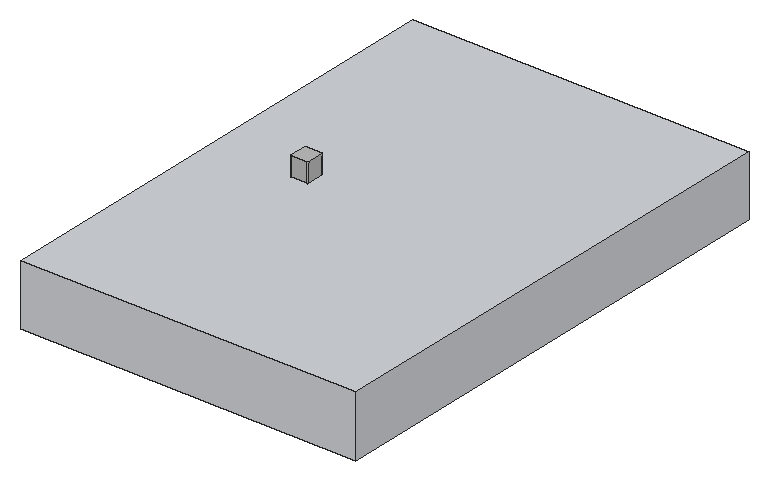
Revit family "Enclosures for IEC", category Installations électriques, Revit 2018
Family settings
  Hôte = Face
  Conserver l'orientation des annotations = Non
  Cote de connecteur circulaire = Utiliser le diamètre
  Type d'élément = Normal
  Couper avec des vides une fois chargée = Non
  Partagée = Oui
  Point de calcul de pièce = Non
Parameters (values of type "For one 16A or 32A panel mounting socket with inclined outlet")
  width mm = 87 mm
  vertical fixing distance mm = 84.5 mm
  resistance to chocks IK = "08"
  protection class IP = ""
  material of box = "plastic"
  intensity A = 16 A
  horizontal fixing distance mm = 74.5 mm
  height mm = 97 mm
  halogen free = yes
  depth mm = 97 mm
  characteristic color = ""
  Product family = "0852-P17"
  Modèle = "LG-057750"
  Minimum use temperature = "-25°C"
  Maximum use temperature = "40°C"
  IDS_MONTAGE_PRISE_VERROUILLEE = no
  Flush E or Surface mounting S = ""
  Fabricant = "Legrand"
  Elévation par défaut = 1000 mm
  Diameter cable entry = "PG16/PG21"
  Description = "Enclosure for the assembly of connectors to the international standard"
Reference planes
  plane 1 "Centre (avant/arrière)": y = 0
  plane 2: z = 0
  plane 3 "Centre (gauche/droite)": x = 0
  plane 4: x = -43.5
  plane 5: x = 43.5
  plane 6: y = 48.5
  plane 7: y = -48.5
  plane 8: z = 95
  plane 9: z = 97
  plane 10: y = 46
  plane 11: y = -46
  plane 12: y = 51
Forms (mm)
  Extrusion 1, solid
    sketch origin (0, 0, 0) x (1, 0, 0) y (0, 1, 0)
      loop
        line (-447.5, 1219.2) -> (-447.5, -1219.2) -> (1219.2, -1219.2) -> (1219.2, 1219.2) -> (-447.5, 1219.2)
    from 0 to -304.8
  Extrusion 2, solid, material "Legrand - Plastique gris"
    sketch origin (0, 0, 0) x (1, 0, 0) y (0, 1, 0)
      loop
        arc (-38.5, 46) -> (-42.036, 44.536) -> (-43.5, 41) r 5
        line (-43.5, 41) -> (-43.5, -41)
        arc (-43.5, -41) -> (-42.036, -44.536) -> (-38.5, -46) r 5
        line (-38.5, -46) -> (38.5, -46)
        arc (38.5, -46) -> (42.036, -44.536) -> (43.5, -41) r 5
        line (43.5, -41) -> (43.5, 41)
        arc (43.5, 41) -> (42.036, 44.536) -> (38.5, 46) r 5
        line (38.5, 46) -> (-38.5, 46)
    from 0 to 95
  Sweep 3, solid, material "Legrand - Plastique gris", visible <- "IDS_MONTAGE_PRISE_VERROUILLEE"
    path origin (0, 0, 0) x (1, 0, 0) y (0, 0, 1)
      loop
        line (-30, 0) -> (-30, 35)
        arc (-30, 35) -> (0, 65) -> (30, 35) r 30
        line (30, 35) -> (30, 0)
    profile origin (-30, 0, 17.5) x (-1, 0, 0) y (0, -1, 0)
      loop
        arc (-5, -57.5) -> (-3.536, -53.964) -> (0, -52.5) r 5
        line (0, -52.5) -> (-15, -52.5) -> (-15, -57.5) -> (-5, -57.5)
  Extrusion 4, solid, material "Legrand - Plastique gris", visible <- "IDS_MONTAGE_PRISE_VERROUILLEE"
    sketch origin (0, 0, 0) x (1, 0, 0) y (0, 0, 1)
      loop
        line (15, 0) -> (15, 35)
        arc (15, 35) -> (0, 50) -> (-15, 35) r 15
        line (-15, 35) -> (-15, 0) -> (15, 0)
    from -51 to -46
Cuts and joins
  joined: Sweep 3, Extrusion 4
Dimensions and locks
  equal spacing: plane 4, plane 3 "Centre (gauche/droite)", plane 5
  plane 4 to plane 5 = 87 mm
  equal spacing: plane 6, plane 1 "Centre (avant/arrière)", plane 7
  plane 6 to plane 7 = 97 mm
  plane 9 to plane 2 = 97 mm
  locked: plane 6 to plane 10 at 2.5
  locked: plane 11 to plane 7 at 2.5
  locked: plane 12 to plane 10 at 5
  aligned and locked: plane 2 to Extrusion 1
  aligned and locked: level to Extrusion 1
  aligned and locked: plane 8 to Extrusion 2
  aligned and locked: plane 12 to Extrusion 4
  aligned and locked: Extrusion 4 to plane 10
Automatic sketch dimensions
  Extrusion 1 sketch curve to Extrusion 1 sketch curve = 1666.7 mm
  Extrusion 1 sketch curve to Extrusion 1 sketch curve = 2438.4 mm
  Extrusion 2 sketch curve to plane 4 = 0 mm
  Extrusion 2 sketch curve to plane 11 = 0 mm
  Extrusion 2 sketch curve to plane 10 = 0 mm
  Extrusion 2 sketch curve to plane 5 = 0 mm
  plane 4 to Extrusion 2 sketch curve = 5 mm
  Extrusion 2 sketch curve to Extrusion 2 sketch curve = 5 mm
  Extrusion 2 sketch curve to plane 5 = 5 mm  (x2)
  Sweep 3 sketch curve to level = 0 mm  (x2)
  Sweep 3 sketch curve to plane 3 "Centre (gauche/droite)" = 0 mm
  level to Sweep 3 sketch curve = 35 mm
  Sweep 3 sketch curve to plane 3 "Centre (gauche/droite)" = 30 mm
  Sweep 3 sketch curve to profile plane = 0 mm  (x2)
  Sweep 3 sketch curve to Sweep 3 sketch curve = 10 mm
  Sweep 3 sketch curve to plane 1 "Centre (avant/arrière)" = 57.5 mm
  Sweep 3 sketch curve to Sweep 3 sketch curve = 5 mm
  Extrusion 4 sketch curve to plane 3 "Centre (gauche/droite)" = 0 mm
  Extrusion 4 sketch curve to plane 3 "Centre (gauche/droite)" = 15 mm
  level to Extrusion 4 sketch curve = 35 mm
  Extrusion 4 sketch curve to level = 0 mm
